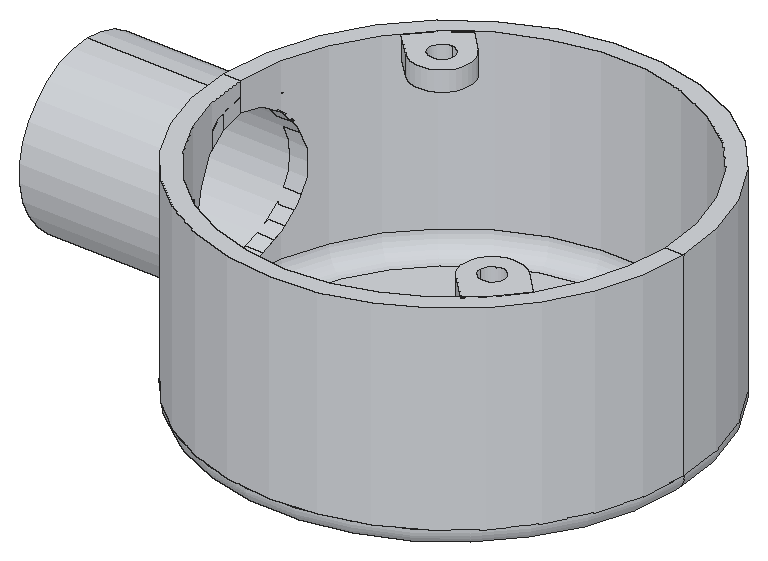
Revit family "MB1B", category Generic Models, Revit 2017
Family settings
  Can host rebar = No
  Round Connector Dimension = Use Diameter
  Part Type = Normal
  Work Plane-Based = Yes
  Always vertical = No
  Cut with Voids When Loaded = No
  Shared = No
  Room Calculation Point = No
Parameters (values of type "NBS Standard Parameters")
  Weight = "0.226Kg"
  WarrantyStartDate [instance] = "1900-12-31T23:59:59"
  WarrantyGuarantorParts = "n/a"
  WarrantyGuarantorLabor = "n/a"
  WarrantyDurationUnit = "1 year"
  WarrantyDurationParts = "n/a"
  WarrantyDurationLabor = "n/a"
  WarrantyDescription = "n/a"
  Version = "1"
  Uniclass2 = "Pr_65_70_11_20"
  TagNumber [instance] = "n/a"
  SustainabilityPerformance = "n/a"
  Size = "20"
  Shape = "Circular"
  SerialNumber [instance] = "n/a"
  Revision = "n/a"
  ReplacementCost = "n/a"
  ProductInformation = "www.metpro.co.uk/pdf/Mb1g.pdf"
  NominalWidth = 66 mm
  NominalLength = 66 mm
  NominalHeight = 30 mm
  Name = ""
  NBSTypeID = ""
  NBSReference = "90-55-10/460"
  NBSOfficeMasterTag = ""
  NBSNote = ""
  NBSDescription = "Conduit Fittings"
  NBSCertification = ""
  ModelReference = "MB1B"
  ModelNumber = "n/a"
  Material = "Malleable Iron"
  ManufacturerURL = "www.metpro.co.uk"
  ManufacturerName = "Metpro Ltd"
  Keynote = "Compliant to LU Standard 1-085"
  InstallationDate [instance] = "1900-12-31T23:59:59"
  IfcExportType = ""
  IfcExportAs = ""
  Grade = "n/a"
  Finish = "Black"
  Features = "n/a"
  ExpectedLife = "n/a"
  DurationUnit = "year"
  Description = "MB1B - 20mm Terminal Malleable Conduit Box"
  Default Elevation = 1219.2 mm
  Constituents = "n/a"
  Color = "n/a"
  CodePerformance = "n/a"
  Category = "n/a"
  BarCode [instance] = "n/a"
  BIMObjectName = "Metpro_Metprolibrary_Conduitfittings_Metalcomponent_Malleablecircularbox"
  Author = "Metpro Ltd"
  AssetType = ""
  AssetIdentifier [instance] = "n/a"
  AccessibilityPerformance = "n/a"
Reference planes
  plane 1 "Center (Front/Back)": y = 0
  plane 2: z = 0
  plane 3 "Center (Left/Right)": x = 0
Forms (mm)
  Revolve 1, solid
    sketch origin (48.178, 99.081, -25.118) x (1, 0, 0) y (0, 0, 1)
      loop
        line (-32.5, 40.541) -> (-32.5, 12.5)
        arc (-32.5, 12.5) -> (-31.768, 10.732) -> (-30, 10) r 2.5
        line (-30, 10) -> (0, 10) -> (0, 12.541) -> (-27, 12.541)
        arc (-27, 12.541) -> (-29.121, 13.42) -> (-30, 15.541) r 3
        line (-30, 15.541) -> (-30, 40.541) -> (-32.5, 40.541)
      axis (0, 10) -> (0, 40.541)
    angle from 0 to 360
  Extrusion 2, solid
    sketch origin (48.178, 99.081, 15.424) x (0, 1, 0) y (-1, 0, 0)
      loop
        arc (-13.805, -21.577) -> (-13.887, -16.02) -> (-19.441, -15.821) r 4.033
        line (-19.441, -15.821) -> (-22.946, -19.326)
        arc (-22.946, -19.326) -> (-20.14, -22.235) -> (-16.968, -24.74) r 30
        line (-16.968, -24.74) -> (-13.805, -21.577)
      loop
        circle (-16.769, -18.842) r 1.752
      loop
        line (21.577, 13.805) -> (24.74, 16.968)
        arc (24.74, 16.968) -> (22.235, 20.14) -> (19.326, 22.946) r 30
        line (19.326, 22.946) -> (15.821, 19.441)
        arc (15.821, 19.441) -> (16.02, 13.887) -> (21.577, 13.805) r 4.033
      loop
        circle (18.842, 16.769) r 1.752
    from -2.782 to 0
  Extrusion 3, void
    sketch origin (48.178, 99.081, -25.118) x (0, 0, 1) y (0, -1, 0)
      loop
        circle (26.504, 0.168) r 10
    from -49.765 to -26.942
  Extrusion 4, solid
    sketch origin (46.678, 99.081, -23.868) x (0, 0, 1) y (0, 1, 0)
      loop
        circle (25.254, -0.168) r 10
      loop
        circle (25.254, -0.168) r 12
    from 24.792 to 50
  Extrusion 5, void
    sketch origin (48.178, 99.081, 15.424) x (-1, 0, 0) y (0, 1, 0)
      loop
        arc (20.625, -21.785) -> (27.557, -11.858) -> (30, 0) r 30
        arc (30, 0) -> (28.797, 8.412) -> (25.283, 16.148) r 30
        line (25.283, 16.148) -> (20.625, -21.785)
    from 0 to 30.848
Cuts and joins
  Extrusion 3 cuts Revolve 1
  Extrusion 3, Extrusion 5 cuts Extrusion 4
Dimensions and locks
  aligned and locked: level to plane 2
